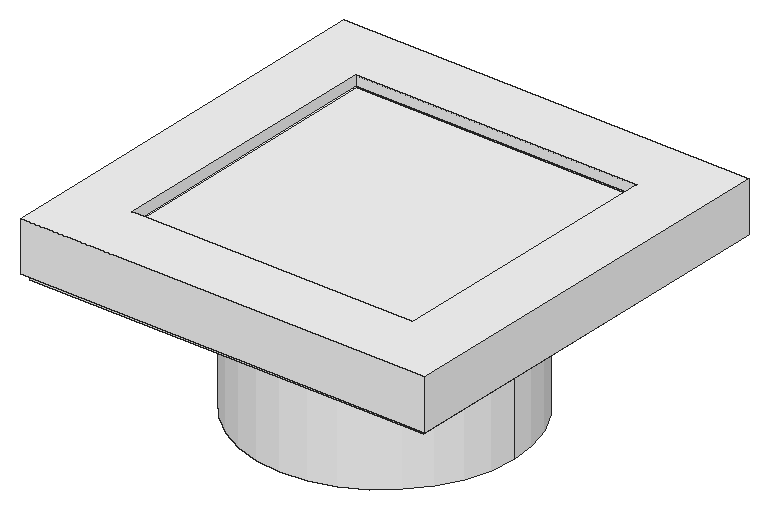
Revit family "Gira_1104005", category Electrical Fixtures, host Face, Revit 2017
Family settings
  Host = Face
  Maintain Annotation Orientation = Yes
  Round Connector Dimension = Use Diameter
  Part Type = Normal
  Cut with Voids When Loaded = No
  Shared = No
  Room Calculation Point = No
Parameters (values of type "Wippschalter Anzeige Hotelzimmerstatus System 55 Schwarz m")
  Zusammenstellung = "Basiselement mit zentraler Abdeckplatte"
  White [instance] = White
  Werkstoffgüte = "sonstige"
  Werkstoff = "sonstige"
  Waschmaschinenschalter = "No"
  URL = "http://katalog.gira.de/de_DE/datenblatt.html?artikelnr=1104005"
  Textfeld/Beschriftungsfläche = "nein"
  Tastschalter = "No"
  Schaltungsart = "Serienschalter"
  Rückmeldekontakt = "No"
  Region = "DE"
  Oberfläche = "sonstige"
  Nennspannung = "250 Volt"
  Name = "Wippschalter Anzeige Hotelzimmerstatus System 55 Schwarz m"
  Montageart = "unter Putz"
  Model = "Sys55_Komplettgerät_Schalten und Tasten"
  Mit Montageplatte = "No"
  Manufacturer URL = "https://www.gira.de/"
  HeinzeBIM = "https://bimportal.heinze.de/bim/wippschalter-anzeige-hotelzimmerstatus-system-55-schwarz-m/5a01e1c00ac0022f54d1c586d45fc9b6c436bf84"
  Halogenfrei = "Yes"
  HAN = "1104005"
  Geeignet für Schutzart (IP) = "IP20"
  GTIN = "4010337038535"
  Farbe = "aluminium"
  Default Elevation = 1219.2 mm
  Data sheet (1) = "https://katalog.gira.de/de_DE/download.html?artikelnr=1104005"
  Category = "Installationsschalter"
  Bemessungsstrom = "10 Ampere"
  Beleuchtung = "nein"
  Befestigungsart = "Krallen-/Schraubbefestigung"
  Bedienungsart = "Wippe/Taste"
  Available = "Yes"
  Anzahl der Module (bei Modulbauweise) = "1 "
  Anzahl der Betätigungswippen = "2 "
  Anschlussart = "Steckklemme"
Reference planes
  plane 1 "Center (Front/Back)": y = 0
  plane 2: z = 0
  plane 3 "Center (Left/Right)": x = 0
Forms (mm)
  Extrusion 1, solid, material "White" <- "White", detail levels medium
    sketch origin (0, 0, 0) x (1, 0, 0) y (0, 1, 0)
      loop
        line (-40.4, 40.4) -> (-40.4, -40.4) -> (40.4, -40.4) -> (40.4, 40.4) -> (-40.4, 40.4)
      loop
        line (-28, 28) -> (-28, -28) -> (28, -28) -> (28, 28) -> (-28, 28)
    from 0 to 10
  Extrusion 2, solid, material "White" <- "White", detail levels fine
    sketch origin (0, 0, 0) x (1, 0, 0) y (0, 1, 0)
      loop
        line (-40.4, 40.4) -> (-40.4, -40.4) -> (40.4, -40.4) -> (40.4, 40.4) -> (-40.4, 40.4)
      loop
        line (-28, 28) -> (-28, -28) -> (28, -28) -> (28, 28) -> (-28, 28)
    from 0 to 10
  Extrusion 3, void
    sketch origin (0, 0, 0) x (1, 0, 0) y (0, 1, 0)
      loop
        line (-38.4, 38.4) -> (-38.4, -38.4) -> (38.4, -38.4) -> (38.4, 38.4) -> (-38.4, 38.4)
    from 0 to 8
  Extrusion 4, solid, material "White" <- "White", detail levels medium+fine
    sketch origin (0, 0, 0) x (1, 0, 0) y (0, 1, 0)
      loop
        line (-39.4, 39.4) -> (-39.4, -39.4) -> (39.4, -39.4) -> (39.4, 39.4) -> (-39.4, 39.4)
    from 0 to -1
  Extrusion 5, solid, material "White" <- "White", detail levels medium+fine
    sketch origin (0, 0, 0) x (1, 0, 0) y (0, 1, 0)
      loop
        line (-35.5, 35.5) -> (-35.5, -35.5) -> (35.5, -35.5) -> (35.5, 35.5) -> (-35.5, 35.5)
    from -2 to -3
  Extrusion 6, solid, material "White" <- "White", detail levels medium+fine
    sketch origin (0, 0, 0) x (1, 0, 0) y (0, 1, 0)
      loop
        circle (0, 0) r 26
    from 0 to -27.5
  Extrusion 7, solid, material "White" <- "White", detail levels coarse
    sketch origin (0, 0, 0) x (1, 0, 0) y (0, 1, 0)
      loop
        line (-40.4, 40.4) -> (-40.4, -40.4) -> (40.4, -40.4) -> (40.4, 40.4) -> (-40.4, 40.4)
    from -27.5 to 10
Cuts and joins
  Extrusion 3 cuts Extrusion 2
Dimensions and locks
  aligned and locked: plane 2 to host face
  aligned and locked: level to host face
  aligned and locked: plane 3 "Center (Left/Right)" to nested 2
  aligned and locked: plane 1 "Center (Front/Back)" to nested 2
Nested families
  nested 1: "Sys55_Abdeckung_Schalten und Tasten_floor_base" at (0, 0, 0), type "Sys55_Abdeckung_Schalten und Tasten_floor_base"
  nested 2: "Schalter" at (0, 0, 0), type "Schalter"
Connectors
  electrical at (0, 0, -27.5)
    settings: on Extrusion 6, index 1, voltage 220 V, apparent load 0 VA, apparent load phase1 0 VA, apparent load phase2 0 VA, apparent load phase3 0 VA, power factor 1, load classification "Other", number of poles 1, system type 30, power factor state 1, is connector primary yes, connector utility no, sub classification motor no, connector description ""
Definition of nested family "Sys55_Abdeckung_Schalten und Tasten_floor_base"
  Parameters
    Default Elevation = 1219.2 mm
    White [instance] = none
  Reference planes
    plane 1 "Center (Front/Back)": y = 0
    plane 2: z = 0
    plane 3 "Center (Left/Right)": x = 0
  Forms (mm)
    Extrusion 1, solid
      sketch origin (0, 0, 0) x (1, 0, 0) y (0, 1, 0)
        loop
          line (-1219.2, 1219.2) -> (-1219.2, -1219.2) -> (1219.2, -1219.2) -> (1219.2, 1219.2) -> (-1219.2, 1219.2)
      from 0 to -304.8
    Extrusion 2, solid, material <- "White", detail levels fine
      sketch origin (0, 0, 0) x (1, 0, 0) y (0, 1, 0)
        loop
          line (-27.5, 27.5) -> (-27.5, -27.5) -> (27.5, -27.5) -> (27.5, 27.5) -> (-27.5, 27.5)
      from 0 to 8
    Extrusion 3, void
      sketch origin (0, 0, 0) x (1, 0, 0) y (0, 1, 0)
        loop
          line (26, 26) -> (-26, 26) -> (-26, -26) -> (26, -26) -> (26, 26)
      from 0 to 6
    Extrusion 4, solid, material <- "White", detail levels medium
      sketch origin (0, 0, 0) x (1, 0, 0) y (0, 1, 0)
        loop
          line (-27.5, 27.5) -> (-27.5, -27.5) -> (27.5, -27.5) -> (27.5, 27.5) -> (-27.5, 27.5)
      from 0 to 8
    Extrusion 5, solid, material <- "White", detail levels medium
      sketch origin (0, 0, 0) x (1, 0, 0) y (0, 1, 0)
        loop
          line (11, -17.5) -> (11, 17.5) -> (-11, 17.5) -> (-11, -17.5) -> (11, -17.5)
      from -6 to 6
    Extrusion 6, solid, material <- "White", detail levels fine
      sketch origin (0, 0, 0) x (1, 0, 0) y (0, 1, 0)
        loop
          line (11, 17.5) -> (-11, 17.5) -> (-11, 16.5) -> (11, 16.5) -> (11, 17.5)
        loop
          line (-11, -16.5) -> (-11, -17.5) -> (11, -17.5) -> (11, -16.5) -> (-11, -16.5)
      from -4 to 6
    Extrusion 7, solid, material <- "White", detail levels fine
      sketch origin (0, 0, 0) x (1, 0, 0) y (0, 1, 0)
        loop
          arc (5, 9.347) -> (0, 10.6) -> (-5, 9.347) r 10.6
          line (-5, 9.347) -> (-5, -9.347)
          arc (-5, -9.347) -> (0, -10.6) -> (5, -9.347) r 10.6
          line (5, -9.347) -> (5, 9.347)
      from -6 to 6
    Extrusion 8, solid, material <- "White", detail levels coarse
      sketch origin (0, 0, 0) x (1, 0, 0) y (0, 1, 0)
        loop
          line (-27.5, 27.5) -> (-27.5, -27.5) -> (27.5, -27.5) -> (27.5, 27.5) -> (-27.5, 27.5)
      from -6 to 8
  Cuts and joins
    Extrusion 3 cuts Extrusion 2
  Dimensions and locks
    aligned and locked: plane 2 to Extrusion 1
    aligned and locked: level to Extrusion 1
Definition of nested family "Schalter"
  Reference planes
    plane 1: y = 0
    plane 2: x = 0
  Lines and regions (mm)
    detail lines
      curve 1: circle (1.375, 2.778, 0) r 0.8 normal (0, 0, 1)
      curve 2: line (1.021, 2.061, 0) -> (0, 0, 0)
      curve 3: line (0, 0, 0) -> (-0.538, 0.266, 0)
  Dimensions and locks
    curve 2 to curve 2 = 2.3 mm
    curve 3 to curve 2 = 0.6 mm
    radius of curve 1 = 0.8 mm
